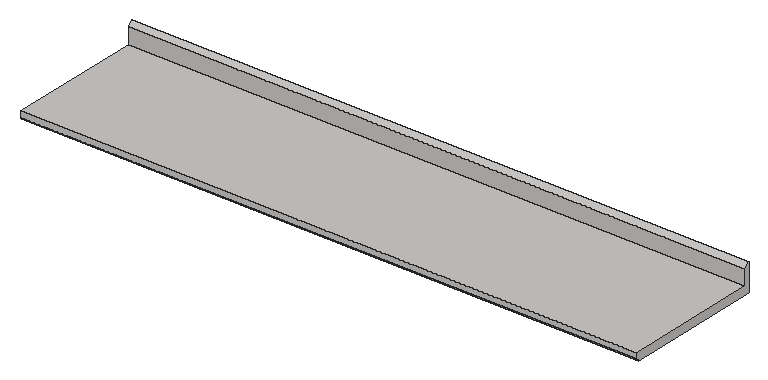
Revit family "QF_ELECTROLUXPROFESSIONAL_121169_TPLA31A", category Attrezzature speciali, Revit 2020
Family settings
  Quota connettore circolare = Usa diametro
  Tipo di parte = Normale
  Basato su piano di lavoro = No
  Sempre verticale = Sì
  Taglio con vuoti quando caricato = No
  Condiviso = No
  Punto di calcolo locali = No
Parameters (values of type "Standard")
  Weight = 98.00 kg
  Watts = 0 W
  Volts = 0 V
  URL Manufacturer = "https://www.electroluxprofessional.com/"
  URL = "https://www.electroluxprofessional.com/"
  Steam Supply Size = 0 mm
  Steam Supply Minimum Pressure = 0.0 Pa
  Steam Supply Maximum Pressure = 0.0 Pa
  Steam Consumption per Hour = 0
  Refrigeration Suction Line Size = 0.0 mm
  Refrigeration Liquid Line Size = 0.0 mm
  Refrigerant Compressor Remote = yes
  Prospetto di default = 0.0 mm
  Phase = 0
  Modello = "TPLA31A"
  Produttore = "Electrolux Professional"
  Length Actual = 3100.0 mm  # constant formula
  Item Number = "121169"
  Hot Water Size = 0 mm
  Height Actual = 140.0 mm  # constant formula
  HP = "0 HP"
  Gas Size = 0 mm
  Gas KW = 0
  Gas Input Pressure = 0 W
  Direct Waste Size = 0 mm
  Descrizione = "WORK TOP WITH UPSTAND 3100MM"
  Depth Actual = 700.0 mm  # constant formula
  Cycle = 0 Hz
  Condensate Return Size = 0 mm
  Compressed Air Volume = 0.0 L/s
  Compressed Air Size = 0 mm
  Compressed Air Pressure = 0.0 Pa
  Cold Water Size = 0 mm
  Accessory = yes
Reference planes
  plane 1 "Center (Front/Back)": y = 0
  plane 2: z = 0
  plane 3 "Center (Left/Right)": x = -1050
  plane 4 "LEFT": x = -2600
  plane 5 "RIGHT": x = 500
  plane 6 "BACK": y = 350
  plane 7 "FRONT": y = -350
  plane 8 "TOP": z = 1000
  plane 9: z = 900
  plane 10: z = 860
Forms (mm)
  Extrusion 1, solid, material "QF_Finishes_Stainless Steel"
    sketch origin (-1050, 0, 0) x (0, 1, 0) y (0, 0, 1)
      loop
        line (350, 1000) -> (330, 980) -> (330, 900) -> (-350, 900) -> (-350, 870) -> (-340, 860) -> (350, 860) -> (350, 1000)
    from 1550 to -1550
Lines and regions (mm)
  symbolic lines
    curve 1: line (500, 350, 1000) -> (-2600, 350, 1000)
    curve 2: line (-2600, 350, 1000) -> (-2600, -350, 1000)
    curve 3: line (-2600, -350, 1000) -> (500, -350, 1000)
    curve 4: line (500, -350, 1000) -> (500, 350, 1000)
    curve 5: line (-2600, 330, 1000) -> (500, 330, 1000)
Dimensions and locks
  plane 4 "LEFT" to plane 5 "RIGHT" = 3100.0 mm
  equal spacing: plane 4 "LEFT", plane 3 "Center (Left/Right)", plane 5 "RIGHT"
  plane 6 "BACK" to plane 7 "FRONT" = 700.0 mm
  equal spacing: plane 6 "BACK", plane 1 "Center (Front/Back)", plane 7 "FRONT"
  locked: plane 8 "TOP" to plane 9 at 100
  locked: plane 6 "BACK" to Extrusion 1 sketch curve at 20
  plane 10 to level = 860.0 mm
  plane 8 "TOP" to plane 10 = 140.0 mm
  aligned and locked: level to plane 2
  aligned and locked: Extrusion 1 to plane 4 "LEFT"
  aligned and locked: plane 5 "RIGHT" to Extrusion 1
  aligned and locked: curve 2 to plane 4 "LEFT"
  aligned and locked: Extrusion 1 sketch curve to plane 9
  aligned and locked: Extrusion 1 sketch curve to plane 6 "BACK"
  aligned and locked: plane 7 "FRONT" to Extrusion 1 sketch curve
  aligned and locked: plane 10 to Extrusion 1 sketch curve
Automatic sketch dimensions
  curve 3 to plane 7 "FRONT" = 0.0 mm
  curve 4 to plane 5 "RIGHT" = 0.0 mm
  curve 4 to plane 6 "BACK" = 0.0 mm
  curve 5 to plane 6 "BACK" = 20.0 mm
  Extrusion 1 sketch curve to plane 8 "TOP" = 0.0 mm
  Extrusion 1 sketch curve to plane 8 "TOP" = 20.0 mm
  plane 7 "FRONT" to Extrusion 1 sketch curve = 10.0 mm
  level to Extrusion 1 sketch curve = 870.0 mm
